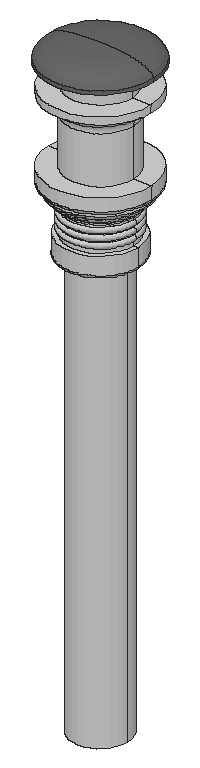
Revit family "936010001-DESAGUE PUSH METAL CR NEGRO", category Plumbing Fixtures, host Face, Revit 2021
Family settings
  Host = Face
  Round Connector Dimension = Use Diameter
  Part Type = Normal
  Cut with Voids When Loaded = No
  Shared = No
  Room Calculation Point = No
Parameters
  Default Elevation = 1219.2 mm
Reference planes
  plane 1 "Center (Front/Back)": y = 0
  plane 2: z = 0
  plane 3 "Center (Left/Right)": x = 0
Forms (mm)
  Revolve 1, solid, material "Cromo-Corona", detail levels medium+fine
    sketch origin (0, 0, 0) x (1, 0, 0) y (0, 0, 1)
      loop
        spline (0, 9.91) -> (-4.634, 9.859) -> (-8.905, 9.698) -> (-12.812, 9.426) -> (-16.355, 9.045) -> (-19.535, 8.553) -> (-22.352, 7.951) -> (-24.805, 7.239) -> (-26.894, 6.417) -> (-28.62, 5.485) -> (-29.983, 4.442) -> (-30.982, 3.29) -> (-31.617, 2.027)
        line (-31.617, 2.027) -> (-31.617, 0) -> (-16.035, 0) -> (-16.035, -2.717) -> (-18.91, -2.717) -> (-18.91, -12.603) -> (-30.043, -12.603) -> (-30.043, -16.974) -> (-22.334, -22.173)
        arc (-22.334, -22.173) -> (-20.348, -24.378) -> (-19.63, -27.258) r 6.134
        line (-19.63, -27.258) -> (-19.63, -55.214) -> (-30.31, -55.214) -> (-30.31, -62.796)
        arc (-30.31, -62.796) -> (-29.978, -63.598) -> (-29.176, -63.93) r 1.134
        line (-29.176, -63.93) -> (-28.327, -63.93)
        arc (-28.327, -63.93) -> (-27.661, -64.205) -> (-27.386, -64.871) r 0.941
        line (-27.386, -64.871) -> (-27.386, -67.083)
        arc (-27.386, -67.083) -> (-26.995, -68.027) -> (-26.051, -68.418) r 1.335
        line (-26.051, -68.418) -> (-25.075, -68.418)
        arc (-25.075, -68.418) -> (-24.443, -68.68) -> (-24.182, -69.311) r 0.893
        line (-24.182, -69.311) -> (-24.182, -70.168)
        arc (-24.182, -70.168) -> (-23.983, -71.035) -> (-23.425, -71.729) r 1.989
        line (-23.425, -71.729) -> (-20.244, -74.241)
        arc (-20.244, -74.241) -> (-19.792, -74.804) -> (-19.63, -75.508) r 1.614
        line (-19.63, -75.508) -> (-19.63, -76.678)
        arc (-19.63, -76.678) -> (-21.13, -78.178) -> (-19.63, -79.678) r 1.5
        line (-19.63, -79.678) -> (-19.63, -80.671)
        arc (-19.63, -80.671) -> (-21.13, -82.171) -> (-19.63, -83.671) r 1.5
        line (-19.63, -83.671) -> (-19.63, -84.741)
        arc (-19.63, -84.741) -> (-21.13, -86.241) -> (-19.63, -87.741) r 1.5
        line (-19.63, -87.741) -> (-19.63, -90.416) -> (-22.611, -90.416) -> (-22.611, -100.85)
        arc (-22.611, -100.85) -> (-22.318, -101.557) -> (-21.611, -101.85) r 1
        line (-21.611, -101.85) -> (-16.437, -101.85) -> (-16.437, -353.59) -> (0, -353.59) -> (0, 9.91)
      axis (0, 9.91) -> (0, -353.59)
    angle from 0 to 360
  Extrusion 2, solid, detail levels coarse
    sketch origin (0, 0, 0) x (1, 0, 0) y (0, 1, 0)
      loop
        circle (0, 0) r 31.617
    from 9.906 to -353.59
Dimensions and locks
  aligned and locked: plane 2 to host face
  aligned and locked: level to host face
Connectors
  piping at (0, 0, -353.59), diameter 38.1
    settings: on Revolve 1, index 1, connector inside diameter 609.6 mm, connector length 0 mm, flow factor 0, pipe flow 0.0 L/s, pressure drop 0.0 Pa, fitting loss kfactor 0, connector angle 0.00°, fixture units 0, engagement length 0 mm, angle of deflection 0.00°, flow configuration 0, flow direction 1, fitting loss method 0, system type 16, joint type 0, gender type 0, connector reference index -1, connector utility 0, adjustable connector no, is connector primary yes, connector description ""
